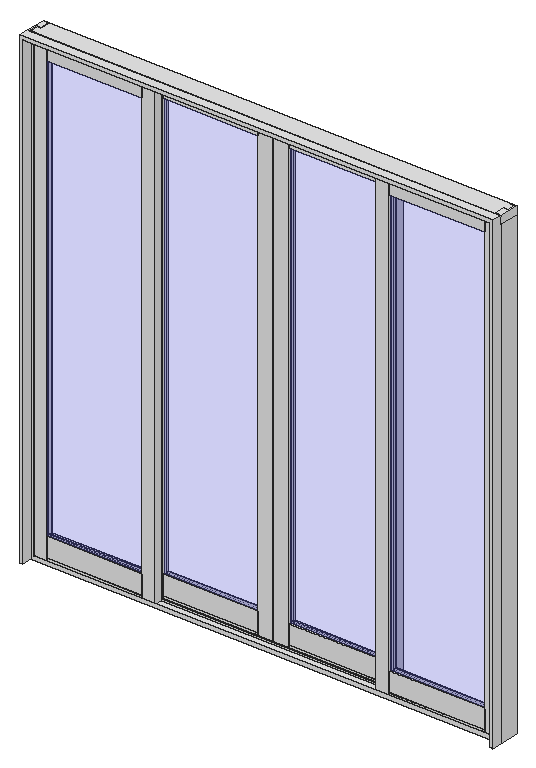
Revit family "Door-Sliding-All_Weather-Series_8100-Bi-Parting", category Doors, host Wall, Revit 2026
Family settings
  Host = Wall
  Classification Number = 23.30.10.00
  Always vertical = Yes
  Cut with Voids When Loaded = No
  Shared = No
  Room Calculation Point = No
Parameters (values of type "4 Panel Sliding Door - OXXO")
  Wall Thickness [instance] = 0' - 6"
  URL = "https://www.allweatheraa.com/"
  Type Comments = "Multi-Panel Sliding Door"  # constant formula
  Specification = ""
  Requested Width = 8' - 0"
  Requested Height = 8' - 0"
  Product Page URL = "https://www.allweatheraa.com/doors/series-8100-sliding-doors/"
  Product Name = "Series 8100"  # constant formula
  Product Documentation Link = "https://www.allweatheraa.com/download/4291/"
  Panel Offset = 0' - 2 31/32"  # constant formula
  Min Width = (4 * Min Panel Width) + 0' 0 3/4"  # 6' - 10 3/4"
  Min Panel Width = 1' - 8 1/2"  # constant formula
  Max Width = (4 * Max Panel Width) + 0' 0 3/4"  # 24' - 0 3/4"
  Max Panel Width = 6' - 0"  # constant formula
  Max Panel Height = 12' - 0"  # constant formula
  Jamb Extensions = yes
  Jamb Ext Finish = Metal-Aluminum-All_Weather-Standard-White
  Jamb Depth [instance] = if(Jamb Calc > 0' 0 1/8", Jamb Calc, 0' 0 1/8")  # 0' - 2"
  Jamb Calc [instance] = if(Offset > 0' 0", Wall Thickness - Thickness + Offset, Wall Thickness - Thickness - Inset)  # 0' - 2"
  End Panel Offset = 0' - 3"  # constant formula
  Thickness = 0' - 4"  # constant formula
  Rough Width = Width + 0' 1"  # 8' - 1"
  Rough Height = Height + 0' 0 1/2"  # 8' - 0 1/2"
  Panel Width = ((Opening Width + (0' 3 1/16" * (Number of Panels - 1))) / Number of Panels) - 0' 0 21/32"  # 2' - 1 9/64"
  Panel Thickness = 0' - 2"  # constant formula
  Panel Spacing = 0' - 2"  # constant formula
  Panel Height = Height - 0' 0 15/16" - 0' 0 5/16"  # 7' - 10 3/4"
  Operation = "Sliding"
  Opening Width = Width - 0' 2"  # 7' - 10"
  Offset = 0' - 0"
  Number of Panels = 4  # constant formula
  Model = "OXXO"  # constant formula
  Manufacturer = "All Weather Architectural Aluminum"  # constant formula
  Interior Trim Finish = Metal-Aluminum-All_Weather-Standard-White
  Interior Trim = no
  Inset = 0' - 0"
  Glazing = Glass-All_Weather-OA-Insulated_Glass
  Function = Exterior
  Frame Projection Ext. = 0' - 1"
  Frame Projection Int. = 0' - 1"
  Frame Width = 0' - 3"
  Height = if(Requested Height > Max Panel Height + 0' 1 1/4", Max Panel Height + 0' 1 1/4", Requested Height)  # 8' - 0"
  Wall Closure = By host
  Width = if(Requested Width > Max Width, Max Width, if(Requested Width < Min Width, Min Width, Requested Width))  # 8' - 0"
  Finish = Metal-Aluminum-All_Weather-Standard-White
  Exterior Trim Finish = Metal-Aluminum-All_Weather-Standard-White
  Exterior Trim = no
  Description = "Thermally Broken Stacking Door"  # constant formula
  Center Panel Location = (Panel Width / 2) - 0' 1 5/16"  # 0' - 11 33/128"
  Assembly Code = "B2030110"
  Analytic Construction = "<None>"
Reference planes (in)
  plane 1 "Center (Front/Back)": y = 0
  plane 2 "Center (Left/Right)": x = 0
  plane 3 "Left": x = -48
  plane 4 "Right": x = 48
  plane 5 "Top": z = 96
  plane 6 "Exterior": y = 3
  plane 7 "Interior": y = -3
  plane 8 "Nail Fin": y = 3
  plane 9 "Inset": y = 3
  plane 10 "Front": y = 3
  plane 11 "Back": y = -1
  plane 12 "Bottom of Sill": z = 0
  plane 13 "Jamb Ext": y = -2.43141
Forms (in)
  Extrusion 1, solid, material "Metal-Aluminum-All_Weather-Standard-White" <- "Exterior Trim Finish", visible <- "Exterior Trim"
    sketch origin (-90, 3, 0) x (-1, 0, 0) y (0, 0, 1)
      loop
        line (-42, 95.63672) -> (-42, 0) -> (-39, 0) -> (-39, 98.63672) -> (-141, 98.63672) -> (-141, 0) -> (-138, 0) -> (-138, 95.63672) -> (-42, 95.63672)
    from 0 to 1
  Extrusion 2, solid, material "Metal-Aluminum-All_Weather-Standard-White" <- "Interior Trim Finish", visible <- "Interior Trim"
    sketch origin (-90, -3, 0) x (1, 0, 0) y (0, 0, 1)
      loop
        line (42, 0) -> (42, 95.63672) -> (138, 95.63672) -> (138, 0) -> (141, 0) -> (141, 98.63672) -> (39, 98.63672) -> (39, 0) -> (42, 0)
    from 0 to 1
  Sweep 3, solid, material "Metal-Aluminum-All_Weather-Standard-White" <- "Finish", detail levels fine
    path origin (0, -1, 0) x (-1, 0, 0) y (0, 0, 1)
      loop
        line (-48, 0) -> (-48, 96)
    profile origin (48, -1, 48) x (1, 0, 0) y (0, 1, 0)
      loop
        line (-1.11719, 2.17875) -> (-1.11719, 0) -> (0, 0) -> (0, 4) -> (-1.11719, 4) -> (-1.11719, 3.84098) -> (-0.37157, 3.84098) -> (-0.37157, 2.17875) -> (-1.11719, 2.17875)
  Sweep 4, solid, material "Metal-Aluminum-All_Weather-Standard-White" <- "Finish", detail levels fine
    path origin (0, -1, 0) x (-1, 0, 0) y (0, 0, 1)
      loop
        line (48, 0) -> (48, 96)
    profile origin (-48, -1, 48) x (1, 0, 0) y (0, 1, 0)
      loop
        line (1.11719, 1.90015) -> (1.11719, 4) -> (0, 4) -> (0, 0) -> (1.11719, 0) -> (1.11719, 0.23792) -> (0.375, 0.23792) -> (0.375, 1.90015) -> (1.11719, 1.90015)
  Extrusion 5, solid, material "Metal-Aluminum-All_Weather-Standard-White" <- "Jamb Ext Finish", visible <- "Jamb Extensions"
    sketch origin (0, 0, 0) x (1, 0, 0) y (0, 0, 1)
      loop
        line (-48, 0) -> (-47.375, 0) -> (-47.375, 95.375) -> (47.375, 95.375) -> (47.375, 0) -> (48, 0) -> (48, 96) -> (-48, 96) -> (-48, 0)
    from 1 to 3
  Sweep 6, solid, material "Metal-Aluminum-All_Weather-Standard-White" <- "Finish", detail levels fine
    path origin (0, 3, 0) x (-1, 0, 0) y (0, 0, 1)
      loop
        line (-48, 96) -> (48, 96)
    profile origin (0, 3, 96) x (0, 0, 1) y (0, 1, 0)
      loop
        line (0, 0) -> (-1.55859, 0) -> (-1.55859, -4) -> (0, -4) -> (0, 0)
  Sweep 7, solid, material "Metal-Aluminum-All_Weather-Standard-White" <- "Finish", detail levels fine
    path origin (0, 3, 0) x (-1, 0, 0) y (0, 0, 1)
      loop
        line (-48, 0) -> (48, 0)
    profile origin (0, 3, 0) x (0, 0, 1) y (0, 1, 0)
      loop
        line (0, 0) -> (0, -4) -> (0.75, -4) -> (0.75, 0) -> (0, 0)
  Sweep 8, void
    path origin (0, 3, 0) x (-1, 0, 0) y (0, 0, 1)
      loop
        line (-48, 96) -> (-48, 0) -> (48, 0) -> (48, 96) -> (-48, 96)
    profile origin (0, 3, 96) x (0, 0, 1) y (0, 1, 0)
      loop
        line (-0.37157, -0.16896) -> (-1.55859, -0.16896) -> (-1.55859, -1.82125) -> (-0.37157, -1.82125) -> (-0.37157, -0.16896)
  Sweep 9, void
    path origin (0, 3, 0) x (-1, 0, 0) y (0, 0, 1)
      loop
        line (-48, 96) -> (-48, 0) -> (48, 0) -> (48, 96) -> (-48, 96)
    profile origin (0, 3, 96) x (0, 0, 1) y (0, 1, 0)
      loop
        line (-0.37157, -2.14924) -> (-1.55859, -2.14924) -> (-1.55859, -3.80153) -> (-0.37157, -3.80153) -> (-0.37157, -2.14924)
  Extrusion 10, solid, material "Metal-Aluminum-All_Weather-Standard-White" <- "Finish", detail levels coarse+medium
    sketch origin (0, 3, 0) x (-1, 0, 0) y (0, 0, 1)
      loop
        line (-48, 96) -> (-48, 0) -> (48, 0) -> (48, 96) -> (-48, 96)
      loop
        line (46.88281, 0.75) -> (46.88281, 94.44141) -> (-46.88281, 94.44141) -> (-46.88281, 0.75) -> (46.88281, 0.75)
    from 0 to -4
Cuts and joins
  Sweep 8, Sweep 9 cuts Sweep 3
  Sweep 8, Sweep 9 cuts Sweep 4
  Sweep 8, Sweep 9 cuts Sweep 7
  joined: Sweep 3, Sweep 4, Sweep 7
  Sweep 8, Sweep 9 cuts Sweep 6
  Sweep 8 cuts Extrusion 5
Lines and regions (in)
  Opening 1
    outline origin (-90, -3, 0) x (1, 0, 0) y (0, 0, 1)
      loop
        line (42, 0) -> (138, 0) -> (138, 96) -> (42, 96) -> (42, 0)
  Masking region 1, visible <- "Jamb Extensions"
    outline origin (0, 0, 0) x (0, 1, 0) y (0, 0, 1)
      loop
        line (-1, 96) -> (-3, 96) -> (-3, 95.375) -> (-1, 95.375) -> (-1, 96)
  Masking region 2, visible <- "Jamb Extensions"
    outline origin (0, 0, 0) x (1, 0, 0) y (0, 1, 0)
      loop
        line (48, -3) -> (48, -1) -> (47.375, -1) -> (47.375, -3) -> (48, -3)
      loop
        line (-48, -3) -> (-47.375, -3) -> (-47.375, -1) -> (-48, -1) -> (-48, -3)
Text (in)
  text "Exterior" at (-74.96733, 27.31104, 0), in view "Ref. Level"
  text "Interior" at (-74.96733, -25.14366, 0), in view "Ref. Level"
  text "Exterior" at (0, 40.15149, 123.01588), in view "Right"
  text "Interior" at (0, -64.39139, 123.01588), in view "Right"
  text "Interior" at (0, -31.01599, 123.00693), in view "Left"
  text "Exterior" at (0, 54.57065, 123.00693), in view "Left"
Dimensions and locks (in)
  equal spacing: plane 3 "Left", plane 2 "Center (Left/Right)", plane 4 "Right"
  "Height": level to plane 5 "Top"
  "Width": plane 3 "Left" to plane 4 "Right"
  "Frame Width": Extrusion 2 sketch curve to plane 3 "Left"
  "Frame Width": Extrusion 2 sketch curve to plane 4 "Right"
  "Frame Width": Extrusion 1 sketch curve to Extrusion 1 sketch curve  (x3)
  host wall to plane 5 "Top" = 8' - 0"
  "Frame Projection Int.": Extrusion 2 to host wall
  "Frame Projection Ext.": Extrusion 1 to host wall
  "Offset": plane 8 "Nail Fin" to plane 9 "Inset"
  "Inset": plane 6 "Exterior" to plane 9 "Inset"
  locked: plane 10 "Front" to plane 8 "Nail Fin" at 0
  "Thickness": plane 10 "Front" to plane 11 "Back"
  plane 12 "Bottom of Sill" to level = 0' - 0"
  locked: Extrusion 1 sketch curve to plane 5 "Top" at 0.36328
  locked: Extrusion 2 sketch curve to plane 5 "Top" at 0.36328
  "Frame Width": Extrusion 2 sketch curve to Extrusion 2 sketch curve
  plane 5 "Top" to level = 8' - 0"
  locked: nested 1 to plane 5 "Top"
  locked: nested 3 to plane 10 "Front"
  locked: plane 10 "Front" to nested 2
  Sweep 3 sketch curve to Sweep 3 sketch curve to Sweep 3 sketch curve to Sweep 3 sketch curve = 0' - 0" locked, 0' - 0.74562" locked, 0' - 0.37157" locked
  "Thickness": Sweep 3 sketch curve to Sweep 3 sketch curve
  locked: Extrusion 5 sketch curve to Extrusion 2 at 0.625  (x2)
  locked: plane 5 "Top" to Extrusion 5 sketch curve at 0.625
  "Jamb Depth": Extrusion 5 to Extrusion 5
  "Wall Thickness": host wall to host wall
  nested 4 to nested 4 = 0' - 0"
  nested 4 to nested 1 = 7' - 11.67535"
  nested 8 to nested 7 to plane 11 "Back" = 0' - 2.01806" locked, 0' - 1" locked
  plane 3 "Left" to plane 4 "Right" = 8' - 0"
  locked: plane 3 "Left" to nested 4 at 0.375
  Sweep 4 sketch curve to Sweep 4 sketch curve to Sweep 4 sketch curve to Sweep 4 sketch curve to profile plane = 0' - 0" locked, 0' - 0 95/128" locked, 0' - 0 3/8" locked, 0' - 0" locked
  Sweep 4 sketch curve to Sweep 4 sketch curve to Sweep 4 sketch curve = 0' - 1.66223" locked, 0' - 0.23792" locked
  "Thickness": Sweep 4 sketch curve to Sweep 4 sketch curve
  locked: profile plane to Sweep 4 sketch curve
  nested 3 to Sweep 3 sketch curve to Sweep 3 sketch curve = 0' - 0.15902" locked, 0' - 1.66223" locked
  locked: profile plane to Sweep 3 sketch curve
  "Thickness": Sweep 6 sketch curve to Sweep 6 sketch curve
  "Thickness": Sweep 7 sketch curve to Sweep 7 sketch curve
  profile plane to Sweep 7 sketch curve = 0' - 0"
  locked: nested 1 to profile plane at 1.55859
  locked: profile plane to nested 1
  locked: profile plane to nested 6 at 0.75
  Sweep 8 sketch curve to Sweep 8 sketch curve to profile plane = 0' - 1.18702" locked, 0' - 0.37157" locked
  profile plane to Sweep 8 sketch curve to Sweep 8 sketch curve = 0' - 0.16896" locked, 0' - 1.65229" locked
  Sweep 9 sketch curve to Sweep 9 sketch curve to profile plane = 0' - 1.18702" locked, 0' - 0.37157" locked
  profile plane to Sweep 9 sketch curve to Sweep 9 sketch curve = 0' - 2.14924" locked, 0' - 1.65229" locked
  Extrusion 10 sketch curve to level to Extrusion 10 sketch curve = 0' - 0" locked, 0' - 0 3/4" locked
  Extrusion 10 sketch curve to plane 4 "Right" to Extrusion 10 sketch curve = 0' - 1 15/128" locked, 0' - 0" locked
  plane 3 "Left" to Extrusion 10 sketch curve to Extrusion 10 sketch curve = 0' - 0" locked, 0' - 1 15/128" locked
  Extrusion 10 sketch curve to Extrusion 10 sketch curve to plane 5 "Top" = 0' - 1 143/256" locked, 0' - 0" locked
  "Thickness": plane 10 "Front" to Extrusion 10
  "Jamb Depth": Masking region 1 sketch curve to plane 7 "Interior"
  locked: plane 5 "Top" to Masking region 1 sketch curve at 0.625
  locked: plane 3 "Left" to Masking region 2 sketch curve at 0.625
  locked: Masking region 2 sketch curve to plane 4 "Right" at 0.625
  locked: nested 7 to plane 4 "Right" at 1.96141
  locked: plane 2 "Center (Left/Right)" to nested 8 at 1.58984
  "Jamb Depth": plane 7 "Interior" to Masking region 2 sketch curve  (x2)
  locked: plane 3 "Left" to nested 4 at 1.96484
  locked: nested 5 to plane 2 "Center (Left/Right)" at 1.58984
  nested 5 to nested 4 to plane 11 "Back" = 0' - 2.01806" locked, 0' - 1" locked
  aligned and locked: plane 3 "Left" to Opening 1 sketch curve
  aligned and locked: plane 5 "Top" to Opening 1 sketch curve  (x2)
  aligned and locked: Opening 1 sketch curve to plane 4 "Right"
  aligned and locked: Opening 1 sketch curve to level
  aligned and locked: plane 3 "Left" to Extrusion 1 sketch curve
  aligned and locked: Extrusion 1 sketch curve to plane 3 "Left"
  aligned and locked: level to Extrusion 1 sketch curve
  aligned and locked: plane 4 "Right" to Extrusion 1 sketch curve
  aligned and locked: Extrusion 1 to host wall
  aligned and locked: plane 3 "Left" to Extrusion 2 sketch curve
  aligned and locked: plane 4 "Right" to Extrusion 2 sketch curve  (x2)
  aligned and locked: level to Extrusion 2 sketch curve
  aligned and locked: Extrusion 2 sketch curve to level
  aligned and locked: Extrusion 2 to host wall
  aligned and locked: plane 6 "Exterior" to host wall
  aligned and locked: host wall to plane 7 "Interior"
  aligned and locked: plane 4 "Right" to Sweep 3 sketch curve
  aligned and locked: plane 3 "Left" to Sweep 4 sketch curve
  aligned and locked: nested 1 to plane 10 "Front"
  aligned and locked: plane 7 "Interior" to Extrusion 5
  aligned and locked: nested 3 to plane 4 "Right"
  aligned and locked: nested 2 to plane 3 "Left"
  aligned and locked: nested 6 to plane 11 "Back"
  aligned and locked: Sweep 7 to plane 12 "Bottom of Sill"
  aligned and locked: Sweep 6 to plane 5 "Top"
  aligned and locked: plane 4 "Right" to Sweep 6 sketch curve
  aligned and locked: plane 3 "Left" to Sweep 6 sketch curve
  aligned and locked: plane 3 "Left" to Sweep 7 sketch curve
  aligned and locked: plane 4 "Right" to Sweep 7 sketch curve
  aligned and locked: Sweep 7 sketch curve to level
  aligned and locked: nested 5 to plane 2 "Center (Left/Right)"
  aligned and locked: plane 5 "Top" to Sweep 8 sketch curve
  aligned and locked: plane 4 "Right" to Sweep 8 sketch curve
  aligned and locked: Sweep 8 sketch curve to Sweep 7
  aligned and locked: plane 10 "Front" to Extrusion 10
  aligned and locked: cut or joined group of Sweep 6, Sweep 8, Sweep 9 to Masking region 1 sketch curve
  aligned and locked: cut or joined group of Sweep 3, Sweep 4, Sweep 7, Sweep 8, Sweep 9 to Masking region 2 sketch curve  (x2)
  aligned and locked: Sweep 8 sketch curve to plane 3 "Left"
Automatic sketch dimensions
  Extrusion 1 sketch curve to level = 0' - 0"
  Extrusion 2 sketch curve to level = 0' - 0"
  plane 3 "Left" to Extrusion 5 sketch curve = 0' - 0"
  plane 4 "Right" to Extrusion 5 sketch curve = 0' - 0"
  Extrusion 5 sketch curve to plane 5 "Top" = 0' - 0"
  Extrusion 5 sketch curve to level = 0' - 0"  (x2)
  Sweep 3 sketch curve to level = 0' - 0"
  Sweep 3 sketch curve to plane 5 "Top" = 0' - 0"
  Sweep 4 sketch curve to level = 0' - 0"
  Sweep 4 sketch curve to plane 5 "Top" = 0' - 0"
  Sweep 6 sketch curve to plane 5 "Top" = 0' - 0"
  Sweep 9 sketch curve to level = 0' - 0"
  plane 4 "Right" to Sweep 9 sketch curve = 0' - 0"
  plane 3 "Left" to Sweep 9 sketch curve = 0' - 0"
  Sweep 9 sketch curve to plane 5 "Top" = 0' - 0"
  Sweep 3 sketch curve to profile plane = 0' - 0"
  Sweep 6 sketch curve to plane 10 "Front" = 0' - 0"
  profile plane to Sweep 6 sketch curve = 0' - 0"
  Sweep 6 sketch curve to Sweep 6 sketch curve = 0' - 1 143/256"
  profile plane to Sweep 7 sketch curve = 0' - 0"
  Sweep 7 sketch curve to plane 10 "Front" = 0' - 0"
  Sweep 7 sketch curve to profile plane = 0' - 0 3/4"
  Masking region 1 sketch curve to host wall = 0' - 0"
  host wall to Masking region 2 sketch curve = 0' - 0"  (x2)
Nested families (in)
  nested 1: "Detail-All_Weather-Series_8100_Jamb" at (0, 1.58203, 96.94141) x (0, -1, 0) z (-1, 0, 0), type "Header"
    with Thickness 0' - 4", 4 Track no, 3 Track no
  nested 2: "Detail-All_Weather-Series_8100_Jamb" at (-49.38281, 1.58203, 0) x (0, -1, 0) z (0, 0, -1), type "Jamb"
    with Thickness 0' - 4", 4 Track no, 3 Track no
  nested 3: "Detail-All_Weather-Series_8100_Jamb" at (49.38281, 1.58203, 0) x (0, -1, 0) z (0, 0, -1), type "Jamb"
    with Thickness 0' - 4", 4 Track no, 3 Track no
  nested 4: "Nested-Panel-All_Weather-Series_8100" at (-35.05469, -0.11336, 0), type "Pull Left 2"
    with Width 2' - 1 9/64", Thickness 0' - 2", Pull Right no, Pull Offset Left 0' - 3 23/128", Pull Left yes, Center Panel Right yes, Center Panel Left no, Pull Offset Right 0' - 2 79/128", Height 8' - 0", Arrow Right no, Arrow Left no
  nested 5: "Nested-Panel-All_Weather-Series_8100" at (-12.57031, 1.9047, 0), type "Pull Right 2"
    with Width 2' - 1 9/64", Thickness 0' - 2", Height 8' - 0", Arrow Left no
  nested 6: "Detail-All_Weather-Series_8100_Footer" at (0, 0.41797, -1.75) x (0, 1, 0) z (1, 0, 0), type "Footer"
  nested 7: "Nested-Panel-All_Weather-Series_8100" at (35.05812, 0.11336, 0), type "Pull Right"
    with Width 2' - 1 9/64", Height 8' - 0", Arrow Right no, Arrow Left no
  nested 8: "Nested-Panel-All_Weather-Series_8100" at (12.57031, 2.13141, 0), type "Pull Left"
    with Width 2' - 1 9/64", Height 8' - 0", Arrow Right no
Definition of nested family "Nested-Panel-All_Weather-Series_8100"
  Parameters (values of type "Pull Right")
    Width = 2' - 7 9/64"
    URL = "http://www.weathershield.com"
    Type Comments = "Panel with Inside Jamb"
    Thickness = 0' - 4"
    Specification = ""
    Sill Offset = 0' - 1 3/4"
    Pull Right = yes
    Pull Offset Left = if(Pull Left, 0' 3 23/128", 0' 2 79/128")  # 0' - 2 79/128"
    Pull Left = no
    Product Page URL = "https://www.allweatheraa.com/doors/series-8100-sliding-doors/"
    Product Documentation Link = "https://www.allweatheraa.com/download/4291/"
    Center Panel Right = no
    Center Panel Left = yes
    Model = "Multislide"  # constant formula
    Manufacturer = "All Weather Architectural Aluminum"  # constant formula
    Pull Offset Right = if(Pull Right, 0' 3 23/128", 0' 2 79/128")  # 0' - 3 23/128"
    Height = 7' - 0"
    Glass = none
    Finish = none
    Description = "Multislide Door Panel"  # constant formula
    Default Elevation = 4' - 0"
    Arrow Right = yes
    Arrow Left = yes
  Types (2): name | Thickness | Pull Right | Pull Offset Left | Pull Left | Center Panel Right | Center Panel Left | Pull Offset Right
    Pull Right | 0' - 4" | yes | 0' - 2 79/128" | no | no | yes | 0' - 3 23/128"
    Pull Left | 0' - 2" | no | 0' - 3 23/128" | yes | yes | no | 0' - 2 79/128"
  Reference planes (in)
    plane 1 "Center (Front/Back)": y = -1.13672
    plane 2 "Bottom": z = 0
    plane 3 "Center (Left/Right)": x = 0
    plane 4 "Front": y = 0.86328
    plane 5 "Back": y = -3.13672
    plane 6 "Left": x = -15.57031
    plane 7 "Right": x = 15.57031
    plane 8 "Top": z = 84
    plane 9 "Glass Front": y = 0.61336
    plane 10 "Glass Back": y = -0.38664
    plane 11 "Glass Top": z = 80.54381
    plane 12 "Glass Bottom": z = 4.79539
    plane 13 "Glass Left": x = -13.61412
    plane 14 "Glass Right": x = 13.06143
    plane 15 "Center (Elevation)": z = 42.6696
    plane 16 "DLO Bottom": z = 5.45639
    plane 17 "DLO Top": z = 79.88281
    plane 18 "DLO Left": x = -12.95312
    plane 19 "DLO Right": x = 12.39063
    plane 20: y = 0.11336
    plane 21: x = 13.98047
    plane 22: x = -14.26172
    plane 23: z = 0.32465
    plane 24: z = 83.0625
  Forms (in)
    Extrusion 1, solid, material <- "Glass"
      sketch origin (0, 0, 0) x (1, 0, 0) y (0, 1, 0)
        loop
          line (-13.61412, -0.38664) -> (13.06143, -0.38664) -> (13.06143, 0.61336) -> (-13.61412, 0.61336) -> (-13.61412, -0.38664)
      from 4.79539 to 80.54381
    Sweep 2, solid, material <- "Finish", detail levels medium+fine
      path origin (0, 0.61336, -0.65988) x (-1, 0, 0) y (0, 0, 1)
        loop
          line (-12.39063, 0.32465) -> (12.95312, 0.32465)
      profile origin (-0.28125, 0.61336, -0.33524) x (0, 0, 1) y (0, 1, 0)
        loop
          line (0.65988, 0.2514) -> (0.65988, -1.24862) -> (1.47003, -1.24862) -> (1.47003, -1.20462) -> (5.40973, -1.20462) -> (5.40973, -1) -> (4.74873, -1) -> (4.74873, 0) -> (5.40973, 0) -> (5.40973, 0.2074) -> (1.47003, 0.2074) -> (1.47003, 0.2514) -> (0.65988, 0.2514)
    Sweep 3, solid, material <- "Finish", visible <- "Pull Left", detail levels medium+fine
      path origin (0, 0.86328, 0) x (-1, 0, 0) y (0, 0, 1)
        loop
          line (15.57031, 0.32465) -> (15.57031, 83.0625)
      profile origin (-15.57031, 0.86328, 41.69357) x (1, 0, 0) y (0, 1, 0)
        loop
          line (0, 0) -> (0, -1.5) -> (3.17969, -1.5) -> (3.17969, -1.31202) -> (2.51869, -1.31202) -> (2.51869, -0.188) -> (3.17969, -0.188) -> (3.17969, 0) -> (0, 0)
    Sweep 4, solid, material <- "Finish", visible <- "Center Panel Right", detail levels medium+fine
      path origin (0, 0.86328, 0) x (1, 0, 0) y (0, 0, 1)
        loop
          line (15.57031, 0.32465) -> (15.57031, 83.0625)
      profile origin (15.57031, 0.86328, 41.69357) x (1, 0, 0) y (0, 1, 0)
        loop
          line (0, 0.00351) -> (-1.69231, 0.00351) -> (-1.69231, 0.30472) -> (-2.45445, 0.30472) -> (-2.45445, 0.2427) -> (-1.83561, 0.1854) -> (-1.83561, 0.00137) -> (-2.61719, 0.00137) -> (-2.61719, -0.25185) -> (-1.94638, -0.25185) -> (-1.94638, -1.25003) -> (-2.61719, -1.25003) -> (-2.61719, -1.5001) -> (0, -1.5001) -> (0, 0.00351)
    Sweep 5, solid, material <- "Finish", detail levels medium+fine
      path origin (0, 0.61336, 0) x (-1, 0, 0) y (0, 0, 1)
        loop
          line (12.95312, 84) -> (-12.39063, 84)
      profile origin (-0.28125, 0.61336, 84) x (0, 0, -1) y (0, 1, 0)
        loop
          line (0.9375, -1.24862) -> (4.41713, -1.24862) -> (4.41713, -1) -> (3.75613, -1) -> (3.75613, 0.0013) -> (4.41713, 0.0013) -> (4.41713, 0.2514) -> (0.9375, 0.2514) -> (0.9375, -1.24862)
    Extrusion 6, solid, material <- "Finish", visible <- "Center Panel Left", detail levels medium+fine
      sketch origin (0, 0, 0) x (1, 0, 0) y (0, 1, 0)
        loop
          line (-15.57031, 0.86328) -> (-15.57031, -1.02734) -> (-14.90829, -1.02734) -> (-14.81048, -1.00113) -> (-14.81048, -0.96526) -> (-15.44529, -0.96526) -> (-15.44529, -0.63506) -> (-12.95312, -0.63506) -> (-12.95312, -0.38664) -> (-13.62352, -0.38664) -> (-13.62352, 0.61336) -> (-12.95312, 0.61336) -> (-12.95312, 0.86328) -> (-15.57031, 0.86328)
      from 0.32465 to 83.0625
    Extrusion 7, solid, material <- "Finish", detail levels coarse
      sketch origin (0, 0.61336, 0) x (-1, 0, 0) y (0, 0, 1)
        loop
          line (15.57031, 83.0625) -> (-15.57031, 83.0625) -> (-15.57031, 0.32465) -> (15.57031, 0.32465) -> (15.57031, 83.0625)
        loop
          line (-12.39063, 5.07449) -> (12.95312, 5.07449) -> (12.95312, 79.88281) -> (-12.39063, 79.88281) -> (-12.39063, 5.07449)
      from -1.2501 to 0.24993
    Sweep 8, solid, material <- "Finish", visible <- "Pull Right", detail levels medium+fine
      path origin (0, 0.86328, 0) x (1, 0, 0) y (0, 0, 1)
        loop
          line (15.57031, 0.32465) -> (15.57031, 83.0625)
      profile origin (15.57031, 0.86328, 41.69357) x (1, 0, 0) y (0, 1, 0)
        loop
          line (0, 0) -> (-3.18036, 0) -> (-3.18036, -0.188) -> (-2.56317, -0.188) -> (-2.56317, -1.31202) -> (-3.18036, -1.31202) -> (-3.18036, -1.5) -> (0, -1.5) -> (0, 0)
  Lines and regions (in)
    Masking region 1, detail levels coarse
      outline origin (0, 0, 0) x (1, 0, 0) y (0, 1, 0)
        loop
          line (-12.95312, 0.61336) -> (-12.95312, -0.38664) -> (12.39062, -0.38664) -> (12.39062, 0.61336) -> (-12.95312, 0.61336)
    Masking region 2, detail levels medium+fine
      outline origin (0, 0, 0) x (1, 0, 0) y (0, 1, 0)
        loop
          line (-13.61412, 0.61336) -> (-13.61412, 0.43452) -> (13.06143, 0.43452) -> (13.06143, 0.61336) -> (-13.61412, 0.61336)
        loop
          line (-13.61412, -0.2078) -> (-13.61412, -0.38664) -> (13.06143, -0.38664) -> (13.06143, -0.2078) -> (-13.61412, -0.2078)
    Masking region 3, detail levels coarse
      outline origin (0, 0, 0) x (0, 1, 0) y (0, 0, 1)
        loop
          line (0.61336, 5.45639) -> (0.61336, 80.09881) -> (-0.38664, 80.09881) -> (-0.38664, 5.45639) -> (0.61336, 5.45639)
    Masking region 4, detail levels medium+fine
      outline origin (0, 0, 0) x (0, 1, 0) y (0, 0, 1)
        loop
          line (0.61336, 4.79539) -> (0.61336, 80.54381) -> (0.43582, 80.54381) -> (0.43582, 4.79539) -> (0.61336, 4.79539)
        loop
          line (-0.2065, 4.79539) -> (-0.2065, 80.54381) -> (-0.38664, 80.54381) -> (-0.38664, 4.79539) -> (-0.2065, 4.79539)
    symbolic lines, visible <- "Arrow Left"
      curve 1: line (-11.20312, 0.61336, 39.6696) -> (-11.20312, 0.61336, 45.6696)
      curve 2: line (-11.20312, 0.61336, 39.6696) -> (-8.20312, 0.61336, 42.6696)
      curve 3: line (-8.20312, 0.61336, 42.6696) -> (-11.20312, 0.61336, 45.6696)
    symbolic lines, visible <- "Arrow Right"
      curve 4: line (11.20312, 0.61336, 39.6696) -> (11.20312, 0.61336, 45.6696)
      curve 5: line (11.20312, 0.61336, 39.6696) -> (8.20312, 0.61336, 42.6696)
      curve 6: line (8.20312, 0.61336, 42.6696) -> (11.20312, 0.61336, 45.6696)
  Dimensions and locks (in)
    equal spacing: plane 6 "Left", plane 3 "Center (Left/Right)", plane 7 "Right"
    "Width": plane 6 "Left" to plane 7 "Right"
    equal spacing: plane 4 "Front", plane 1 "Center (Front/Back)", plane 5 "Back"
    "Thickness": plane 4 "Front" to plane 5 "Back"
    plane 4 "Front" to plane 9 "Glass Front" to plane 10 "Glass Back" = 0' - 0.24993", 0' - 1" locked
    locked: plane 8 "Top" to plane 11 "Glass Top" at 3.45619
    locked: plane 12 "Glass Bottom" to level at 4.79539
    locked: plane 13 "Glass Left" to Masking region 1 sketch curve at 0.661
    locked: Masking region 1 sketch curve to plane 14 "Glass Right" at 0.67081
    locked: plane 10 "Glass Back" to Masking region 2 sketch curve at 0.17884
    locked: plane 9 "Glass Front" to Masking region 2 sketch curve at 0.17884
    locked: plane 11 "Glass Top" to Masking region 3 sketch curve at 0.445
    locked: Masking region 3 sketch curve to plane 12 "Glass Bottom" at 0.661
    equal spacing: plane 11 "Glass Top", plane 15 "Center (Elevation)", plane 12 "Glass Bottom"
    locked: plane 16 "DLO Bottom" to plane 12 "Glass Bottom" at 0.661
    locked: plane 11 "Glass Top" to plane 17 "DLO Top" at 0.661
    "Pull Offset Left": plane 6 "Left" to plane 18 "DLO Left"
    "Pull Offset Right": plane 19 "DLO Right" to plane 7 "Right"
    equal spacing: plane 10 "Glass Back", plane 20, plane 9 "Glass Front"
    equal spacing: plane 19 "DLO Right", plane 21, plane 7 "Right"
    equal spacing: plane 6 "Left", plane 22, plane 18 "DLO Left"
    nested 1 to nested 1 = 0' - 2 79/128"
    Sweep 2 sketch curve to Sweep 2 sketch curve to Sweep 2 sketch curve to Sweep 2 sketch curve to Sweep 2 sketch curve to Sweep 2 sketch curve to level = 0' - 0" locked, 0' - 0.661" locked, 0' - 3.2787" locked, 0' - 0" locked, 0' - 0.81014" locked, 0' - 0.32465"
    Sweep 2 sketch curve to Sweep 2 sketch curve to Sweep 2 sketch curve to profile plane to Sweep 2 sketch curve to Sweep 2 sketch curve to Sweep 2 sketch curve = 0' - 0.044" locked, 0' - 0.2074" locked, 0' - 0" locked, 0' - 1" locked, 0' - 0.20462" locked, 0' - 0.044" locked
    locked: plane 23 to level at 0.32465
    profile plane to nested 2 to Sweep 3 sketch curve to Sweep 3 sketch curve to Sweep 3 sketch curve = 0' - 0" locked, 0' - 2.51869" locked, 0' - 0.661" locked, 0' - 0" locked
    Sweep 3 sketch curve to Sweep 3 sketch curve to Sweep 3 sketch curve to Sweep 3 sketch curve to profile plane = 0' - 0.18798" locked, 0' - 1.12402" locked, 0' - 0.188" locked, 0' - 0" locked
    Sweep 4 sketch curve to Sweep 4 sketch curve to Sweep 4 sketch curve to Sweep 4 sketch curve to Sweep 4 sketch curve to profile plane to Sweep 4 sketch curve to Sweep 4 sketch curve to Sweep 4 sketch curve = 0' - 0.06202" locked, 0' - 0.05729" locked, 0' - 0.18189" locked, 0' - 0.00214" locked, 0' - 0.00137" locked, 0' - 0.25185" locked, 0' - 0.99817" locked, 0' - 0.25007" locked
    Sweep 4 sketch curve to Sweep 4 sketch curve to Sweep 4 sketch curve to Sweep 4 sketch curve to Sweep 4 sketch curve to Sweep 4 sketch curve to profile plane = 0' - 0" locked, 0' - 0.16274" locked, 0' - 0.50807" locked, 0' - 0.11078" locked, 0' - 0.1433" locked, 0' - 1.69231" locked
    curve 3 to curve 3 to plane 15 "Center (Elevation)" to curve 2 = 0' - 3" locked, 0' - 0" locked, 0' - 3" locked
    plane 6 "Left" to curve 1 to curve 3 = 0' - 4 47/128" locked, 0' - 3" locked
    locked: plane 8 "Top" to plane 24 at 0.9375
    profile plane to Sweep 3 to Sweep 5 sketch curve to Sweep 5 sketch curve to Sweep 5 sketch curve = 0' - 0 15/16" locked, 0' - 2.81863" locked, 0' - 0.661" locked, 0' - 0" locked
    Sweep 5 sketch curve to Sweep 5 sketch curve to profile plane to Sweep 5 sketch curve to Sweep 5 sketch curve = 0' - 0.2501" locked, 0' - 0.0013" locked, 0' - 1" locked, 0' - 0.24862" locked
    "Height": plane 8 "Top" to plane 2 "Bottom"
    locked: plane 13 "Glass Left" to plane 18 "DLO Left" at 0.661
    locked: plane 19 "DLO Right" to plane 14 "Glass Right" at 0.67081
    Extrusion 6 sketch curve to Extrusion 6 sketch curve to Extrusion 6 sketch curve to Extrusion 6 sketch curve to Extrusion 6 sketch curve to Extrusion 6 sketch curve to plane 4 "Front" = 0' - 0.06208" locked, 0' - 0.3302" locked, 0' - 0.24842" locked, 0' - 1" locked, 0' - 0.24993" locked, 0' - 0" locked
    Extrusion 6 sketch curve to plane 6 "Left" to Extrusion 6 sketch curve to Extrusion 6 sketch curve to Extrusion 6 sketch curve to Extrusion 6 sketch curve to Extrusion 6 sketch curve = 0' - 0" locked, 0' - 0.66202" locked, 0' - 0.09781" locked, 0' - 1.18696" locked, 0' - 0.67039" locked, 0' - 0" locked
    locked: Extrusion 7 to plane 10 "Glass Back" at 0.2501
    Extrusion 6 to plane 17 "DLO Top" = 0' - 3 23/128"
    locked: plane 9 "Glass Front" to Masking region 4 sketch curve at 0.17754
    locked: Masking region 4 sketch curve to plane 10 "Glass Back" at 0.18014
    nested 1 to nested 6 to plane 9 "Glass Front" = 0' - 0" locked, 0' - 1.2501" locked
    Sweep 8 sketch curve to Sweep 8 sketch curve to plane 19 "DLO Right" to Sweep 8 sketch curve = 0' - 0" locked, 0' - 0.00067" locked, 0' - 0.61652" locked
    Sweep 8 sketch curve to Sweep 8 sketch curve to Sweep 8 sketch curve to Sweep 8 sketch curve to profile plane = 0' - 0.18798" locked, 0' - 1.12402" locked, 0' - 0.188" locked, 0' - 0" locked
    curve 6 to curve 6 to plane 15 "Center (Elevation)" to curve 5 = 0' - 3" locked, 0' - 0" locked, 0' - 3" locked
    plane 7 "Right" to curve 4 to curve 6 = 0' - 4 47/128" locked, 0' - 3" locked
    aligned and locked: plane 2 "Bottom" to level
    aligned and locked: Extrusion 1 sketch curve to plane 14 "Glass Right"
    aligned and locked: plane 13 "Glass Left" to Extrusion 1 sketch curve
    aligned and locked: plane 9 "Glass Front" to Extrusion 1 sketch curve
    aligned and locked: Extrusion 1 sketch curve to plane 10 "Glass Back"
    aligned and locked: Extrusion 1 to plane 12 "Glass Bottom"
    aligned and locked: plane 11 "Glass Top" to Extrusion 1
    aligned and locked: Masking region 1 sketch curve to plane 9 "Glass Front"
    aligned and locked: plane 10 "Glass Back" to Masking region 1 sketch curve
    aligned and locked: Masking region 2 sketch curve to plane 9 "Glass Front"
    aligned and locked: plane 14 "Glass Right" to Masking region 2 sketch curve  (x2)
    aligned and locked: plane 10 "Glass Back" to Masking region 2 sketch curve
    aligned and locked: Masking region 2 sketch curve to plane 13 "Glass Left"  (x2)
    aligned and locked: Masking region 3 sketch curve to plane 9 "Glass Front"
    aligned and locked: plane 10 "Glass Back" to Masking region 3 sketch curve
    aligned and locked: Masking region 4 sketch curve to plane 11 "Glass Top"  (x2)
    aligned and locked: Masking region 4 sketch curve to plane 9 "Glass Front"
    aligned and locked: plane 12 "Glass Bottom" to Masking region 4 sketch curve  (x2)
    aligned and locked: plane 10 "Glass Back" to Masking region 4 sketch curve
    aligned and locked: plane 6 "Left" to nested 2
    aligned and locked: nested 1 to plane 7 "Right"
    aligned and locked: nested 2 to nested 1
    aligned and locked: plane 4 "Front" to nested 3
    aligned and locked: plane 6 "Left" to nested 3
    aligned and locked: Sweep 3 sketch curve to plane 6 "Left"
    aligned and locked: plane 23 to Sweep 3 sketch curve
    aligned and locked: Sweep 5 sketch curve to plane 8 "Top"
    aligned and locked: plane 18 "DLO Left" to Sweep 5 sketch curve
    aligned and locked: plane 19 "DLO Right" to Sweep 5 sketch curve
    aligned and locked: plane 24 to Sweep 3 sketch curve
    aligned and locked: plane 24 to Sweep 4 sketch curve
    aligned and locked: plane 23 to Sweep 4 sketch curve
    aligned and locked: nested 5 to plane 24
    aligned and locked: plane 24 to Extrusion 6
    aligned and locked: plane 18 "DLO Left" to Sweep 2 sketch curve
    aligned and locked: plane 19 "DLO Right" to Sweep 2 sketch curve
    aligned and locked: Extrusion 7 sketch curve to Sweep 2
    aligned and locked: plane 18 "DLO Left" to Extrusion 7 sketch curve
    aligned and locked: plane 7 "Right" to Extrusion 7 sketch curve
    aligned and locked: Extrusion 7 sketch curve to plane 6 "Left"
    aligned and locked: Extrusion 7 sketch curve to plane 24
    aligned and locked: plane 4 "Front" to Extrusion 7
    aligned and locked: nested 4 to level
    aligned and locked: Extrusion 6 to plane 23
    aligned and locked: Sweep 2 to plane 23
    aligned and locked: Extrusion 7 sketch curve to plane 17 "DLO Top"
    aligned and locked: nested 6 to plane 7 "Right"
  Automatic sketch dimensions
    Sweep 3 sketch curve to profile plane = 0' - 0"
    plane 7 "Right" to Sweep 4 sketch curve = 0' - 0"
    Sweep 4 sketch curve to profile plane = 0' - 0"
    Sweep 5 sketch curve to profile plane = 0' - 0 15/16"
    Sweep 2 sketch curve to level = 0' - 0.33524"
    Extrusion 6 sketch curve to plane 6 "Left" = 0' - 0.12502"
    Extrusion 6 sketch curve to Extrusion 6 sketch curve = 0' - 0.03586"
    plane 19 "DLO Right" to Extrusion 7 sketch curve = 0' - 0"
    Extrusion 7 sketch curve to plane 23 = 0' - 0"
    plane 7 "Right" to Sweep 8 sketch curve = 0' - 0"
    Sweep 8 sketch curve to plane 23 = 0' - 0"
    Sweep 8 sketch curve to plane 24 = 0' - 0"
    Sweep 8 sketch curve to profile plane = 0' - 0"
  Nested families (in)
    nested 1: "Detail-All_Weather-Series_8100_Post_Right" at (15.45313, -0.46877, 0) x (0, 1, 0) z (0, 0, 1), visible <- "Center Panel Right", type "Post Right"
    nested 2: "Detail-All_Weather-Series_8100_Door_Header" at (-14.89062, -0.55469, 0) x (0, -1, 0) z (0, 0, 1), visible <- "Pull Left", type "Header"
    nested 3: "Detail-All_Weather-Series_8100_Post_Left" at (-15.45312, 0.69531, 0) x (0, -1, 0) z (0, 0, 1), visible <- "Center Panel Left", type "Post Left"
    nested 4: "Detail-All_Weather-Series_8100_Door_Footer" at (0, 0.7827, 2.95639) x (0, 1, 0) z (1, 0, 0), type "Door Footer"
    nested 5: "Detail-All_Weather-Series_8100_Door_Header" at (0, 0.7827, 82.38281) x (0, 1, 0) z (1, 0, 0), type "Header"
    nested 6: "Detail-All_Weather-Series_8100_Door_Header" at (14.89063, 0.78123, 0) x (0, 1, 0) z (0, 0, 1), visible <- "Pull Right", type "Jamb"
  Definition of nested family "Detail-All_Weather-Series_8100_Post_Right"
    Parameters (values of type "Post Right")
      URL = "https://www.allweatheraa.com/"
      Type Comments = "3 in Ultraglide Rollers"  # constant formula
      Thickness = 0' - 1 57/64"  # constant formula
      Specification = ""
      Profile Offset = 0' - 1 9/256"  # constant formula
      Product Page URL = "https://www.allweatheraa.com/doors/series-8100-sliding-doors/"
      Product Name = "Series 8100"  # constant formula
      Product Documentation Link = "https://www.allweatheraa.com/download/4291/"
      Nail Fin Offset = 0' - 1 33/128"  # constant formula
      Model = "SlidingDoor"  # constant formula
      Manufacturer = "All Weather Architectural Aluminum"  # constant formula
      Height = 0' - 2 79/128"  # constant formula
      Glass Thickness = 0' - 1"  # constant formula
      Glass = no
      Description = "Door Post"  # constant formula
      Assembly Code = "B2020100"
    Reference planes (in)
      plane 1 "Center (Front/Back)": y = -0.11719
      plane 2: z = 0
      plane 3 "Glass Intersection": y = 1.82919
      plane 4 "Top": y = 2.5
      plane 5 "Front": x = -0.16797
      plane 6 "Back": x = 1.72266
      plane 7 "Glass Front": x = 0.0803
      plane 8 "Glass Back": x = 1.0803
    Lines and regions (in)
      Masking region 1, in view "Ref. Level", visible <- "Glass", detail levels medium+fine
        outline origin (0.32906, -0.10831, 0) x (1, 0, 0) y (0, 1, 0)
          loop
            line (-0.24876, 3.0985) -> (-0.24876, 1.9375) -> (-0.06992, 1.9375) -> (-0.06992, 3.0985) -> (-0.24876, 3.0985)
          loop
            line (0.75124, 3.0985) -> (0.5724, 3.0985) -> (0.5724, 1.9375) -> (0.75124, 1.9375) -> (0.75124, 3.0985)
      Masking region 2, in view "Ref. Level", detail levels fine
        outline origin (0.32906, -0.10831, 0) x (1, 0, 0) y (0, 1, 0)
          loop
            line (-0.06992, 1.95572) -> (0.57408, 1.95572) -> (0.57408, 2.1811) -> (0.54202, 2.1811) -> (0.54202, 1.9861) -> (-0.03786, 1.9861) -> (-0.03786, 2.1811) -> (-0.06992, 2.1811) -> (-0.06992, 1.95572)
      Masking region 3, in view "Ref. Level", detail levels medium+fine
        outline origin (0.32906, -0.10831, 0) x (1, 0, 0) y (0, 1, 0)
          loop
            line (-0.03786, 2.2971) -> (-0.03786, 1.9861) -> (0.54202, 1.9861) -> (0.54202, 2.2971) -> (-0.03786, 2.2971)
          loop
            line (0.52802, 2.2831) -> (-0.02386, 2.2831) -> (-0.02386, 2.0001) -> (0.52802, 2.0001) -> (0.52802, 2.2831)
      Masking region 4, in view "Ref. Level", detail levels medium+fine
        outline origin (0, 0, 0) x (1, 0, 0) y (0, 1, 0)
          loop
            line (-0.16805, 2.45876) -> (-0.16805, -0.04515)
            arc (-0.16805, -0.04515) -> (-0.14695, -0.09609) -> (-0.09601, -0.11719) r 0.07204
            line (-0.09601, -0.11719) -> (1.32288, -0.11719) -> (1.32288, 0.24062)
            arc (1.32288, 0.24062) -> (1.37257, 0.29031) -> (1.42227, 0.24062) r 0.04969
            line (1.42227, 0.24062) -> (1.42227, -0.03768) -> (1.50277, -0.03768) -> (1.50277, 0.35864)
            arc (1.50277, 0.35864) -> (1.49268, 0.3806) -> (1.47072, 0.3897) r 0.03106
            line (1.47072, 0.3897) -> (1.385, 0.3897)
            arc (1.385, 0.3897) -> (1.34107, 0.40789) -> (1.32288, 0.45182) r 0.06212
            line (1.32288, 0.45182) -> (1.32288, 0.74239) -> (1.21411, 0.73454) -> (1.27465, 0.62607) -> (1.06852, 0.62607) -> (1.12489, 0.72389) -> (1.01581, 0.72389)
            arc (1.01581, 0.72389) -> (0.99402, 0.71487) -> (0.985, 0.69308) r 0.03081
            line (0.985, 0.69308) -> (0.985, 0.62607) -> (0.76208, 0.62607) -> (0.76208, 0.70558) -> (0.68256, 0.70558) -> (0.68256, 0.62607) -> (-0.06858, 0.62607) -> (-0.06858, 1.36064) -> (0.13105, 1.36064) -> (0.13105, 1.21044) -> (0.17445, 1.13528) -> (0.25488, 1.13528) -> (0.18127, 1.26277) -> (0.25382, 1.33533) -> (0.32156, 1.33533) -> (0.38512, 1.25325) -> (0.33499, 1.13528) -> (0.38275, 1.13528)
            arc (0.38275, 1.13528) -> (0.40464, 1.34346) -> (0.19875, 1.38128) r 0.15405
            line (0.19875, 1.38128) -> (0.12893, 1.43509) -> (0.12893, 1.49715) -> (0.03109, 1.44455) -> (0.03109, 1.64754) -> (0.1352, 1.57502) -> (0.15552, 1.7013) -> (-0.01362, 1.69663) -> (-0.01362, 1.89889) -> (0.03038, 1.89889) -> (-0.0155, 1.96218) -> (-0.0155, 1.99608) -> (0.02807, 1.99608) -> (-0.0155, 2.05618) -> (-0.0155, 2.09008) -> (0.02807, 2.09008) -> (-0.0155, 2.15018) -> (-0.0155, 2.18408) -> (0.02807, 2.18408) -> (-0.0155, 2.24418) -> (-0.0155, 2.27808) -> (0.02807, 2.27808) -> (-0.0155, 2.33818) -> (-0.0155, 2.37208) -> (0.01838, 2.37208) -> (0.01838, 2.41889)
            arc (0.01838, 2.41889) -> (0.01252, 2.43304) -> (-0.00162, 2.43889) r 0.02
            line (-0.00162, 2.43889) -> (-0.11002, 2.43889)
            arc (-0.11002, 2.43889) -> (-0.12486, 2.44459) -> (-0.13207, 2.45876) r 0.02217
            arc (-0.13207, 2.45876) -> (-0.15006, 2.47675) -> (-0.16805, 2.45876) r 0.01799
          loop
            line (1.06202, 1.57433) -> (1.28047, 1.57433) -> (1.21399, 1.45672) -> (1.32244, 1.44889) -> (1.32244, 1.57936) -> (1.57436, 1.57936)
            arc (1.57436, 1.57936) -> (1.62528, 1.60045) -> (1.64637, 1.65137) r 0.07201
            line (1.64637, 1.65137) -> (1.64637, 2.27063) -> (1.62284, 2.35848)
            arc (1.62284, 2.35848) -> (1.60193, 2.37428) -> (1.58353, 2.35563) r 0.01988
            line (1.58353, 2.35563) -> (1.52085, 1.67875) -> (1.32244, 1.67875) -> (1.32244, 2.21019) -> (1.28856, 2.21019) -> (1.28856, 2.16019) -> (1.23856, 2.16019) -> (1.23856, 2.38019) -> (1.28856, 2.38019) -> (1.28856, 2.33019) -> (1.32244, 2.33019) -> (1.32244, 2.46556)
            arc (1.32244, 2.46556) -> (1.3074, 2.48721) -> (1.28712, 2.47036) r 0.01789
            line (1.28712, 2.47036) -> (1.28712, 2.43889) -> (1.15605, 2.43889)
            arc (1.15605, 2.43889) -> (1.14191, 2.43304) -> (1.13605, 2.41889) r 0.02
            line (1.13605, 2.41889) -> (1.13605, 2.36932) -> (1.17778, 2.36932) -> (1.17778, 2.33818) -> (1.13422, 2.27808) -> (1.17778, 2.27808) -> (1.17778, 2.24418) -> (1.13422, 2.18408) -> (1.17778, 2.18408) -> (1.17778, 2.15018) -> (1.13422, 2.09008) -> (1.17778, 2.09008) -> (1.17778, 2.05618) -> (1.13422, 1.99608) -> (1.17778, 1.99608) -> (1.17778, 1.96218) -> (1.13191, 1.89889) -> (1.16783, 1.89889) -> (1.16783, 1.69351) -> (0.84704, 1.69351) -> (0.8661, 1.57502) -> (0.97397, 1.65016) -> (0.97397, 1.43779) -> (0.87297, 1.49416) -> (0.87297, 1.40524)
            arc (0.87297, 1.40524) -> (0.72877, 1.30539) -> (0.77149, 1.13528) r 0.15406
            line (0.77149, 1.13528) -> (0.84219, 1.13528) -> (0.77337, 1.25447) -> (0.836, 1.33533) -> (0.90373, 1.33533) -> (0.97628, 1.26277) -> (0.90267, 1.13528) -> (0.98311, 1.13528) -> (1.0265, 1.21044) -> (1.0265, 1.35062) -> (1.06899, 1.46736) -> (1.12378, 1.46736) -> (1.06202, 1.57433)
      Masking region 5, in view "Ref. Level", detail levels fine
        outline origin (0, 0, 0) x (1, 0, 0) y (0, 1, 0)
          loop
            line (1.22349, 0.52668) -> (-0.06858, 0.52668) -> (-0.06858, -0.0178) -> (1.22349, -0.0178) -> (1.22349, 0.52668)
      Masking region 6, in view "Ref. Level", detail levels fine
        outline origin (0, 0, 0) x (1, 0, 0) y (0, 1, 0)
          loop
            arc (1.11501, 1.48249) -> (1.1254, 1.43091) -> (1.15716, 1.38897) r 0.11811
            line (1.15716, 1.38897) -> (1.20869, 1.34573)
            arc (1.20869, 1.34573) -> (1.23467, 1.31191) -> (1.24391, 1.27028) r 0.09843
            line (1.24391, 1.27028) -> (1.24391, 0.93507)
            arc (1.24391, 0.93507) -> (1.23467, 0.89345) -> (1.20869, 0.85963) r 0.09843
            line (1.20869, 0.85963) -> (1.15716, 0.81639)
            arc (1.15716, 0.81639) -> (1.1254, 0.77445) -> (1.11501, 0.72287) r 0.11811
            line (1.11501, 0.72287) -> (1.06375, 0.63103) -> (1.11851, 0.63103)
            arc (1.11851, 0.63103) -> (1.13278, 0.63817) -> (1.13561, 0.65389) r 0.01783
            arc (1.13561, 0.65389) -> (1.15827, 0.68418) -> (1.18094, 0.65389) r 0.02362
            arc (1.18094, 0.65389) -> (1.18377, 0.63817) -> (1.19804, 0.63103) r 0.01783
            line (1.19804, 0.63103) -> (1.25395, 0.63103) -> (1.20158, 0.72485)
            arc (1.20158, 0.72485) -> (1.20595, 0.74496) -> (1.21846, 0.7613) r 0.04724
            line (1.21846, 0.7613) -> (1.30465, 0.83362)
            arc (1.30465, 0.83362) -> (1.31502, 0.84714) -> (1.31871, 0.86378) r 0.03937
            line (1.31871, 0.86378) -> (1.31871, 1.34158)
            arc (1.31871, 1.34158) -> (1.31502, 1.35821) -> (1.30465, 1.37173) r 0.03937
            line (1.30465, 1.37173) -> (1.21846, 1.44406)
            arc (1.21846, 1.44406) -> (1.20595, 1.4604) -> (1.20158, 1.48051) r 0.04724
            line (1.20158, 1.48051) -> (1.25395, 1.57433) -> (1.19804, 1.57433)
            arc (1.19804, 1.57433) -> (1.18377, 1.56718) -> (1.18094, 1.55147) r 0.01783
            arc (1.18094, 1.55147) -> (1.15827, 1.52118) -> (1.13561, 1.55147) r 0.02362
            arc (1.13561, 1.55147) -> (1.13278, 1.56718) -> (1.11851, 1.57433) r 0.01783
            line (1.11851, 1.57433) -> (1.06375, 1.57433) -> (1.11501, 1.48249)
          loop
            arc (0.12251, 1.48905) -> (0.17408, 1.49944) -> (0.21603, 1.5312) r 0.11811
            line (0.21603, 1.5312) -> (0.25927, 1.58274)
            arc (0.25927, 1.58274) -> (0.29308, 1.60871) -> (0.33471, 1.61795) r 0.09843
            line (0.33471, 1.61795) -> (0.66992, 1.61795)
            arc (0.66992, 1.61795) -> (0.71155, 1.60871) -> (0.74536, 1.58274) r 0.09843
            line (0.74536, 1.58274) -> (0.78861, 1.5312)
            arc (0.78861, 1.5312) -> (0.83055, 1.49944) -> (0.88212, 1.48905) r 0.11811
            line (0.88212, 1.48905) -> (0.97397, 1.43779) -> (0.97397, 1.49255)
            arc (0.97397, 1.49255) -> (0.96682, 1.50682) -> (0.95111, 1.50965) r 0.01783
            arc (0.95111, 1.50965) -> (0.92082, 1.53232) -> (0.95111, 1.55498) r 0.02362
            arc (0.95111, 1.55498) -> (0.96682, 1.55781) -> (0.97397, 1.57208) r 0.01783
            line (0.97397, 1.57208) -> (0.97397, 1.62799) -> (0.88015, 1.57562)
            arc (0.88015, 1.57562) -> (0.86004, 1.57999) -> (0.84369, 1.5925) r 0.04724
            line (0.84369, 1.5925) -> (0.77137, 1.67869)
            arc (0.77137, 1.67869) -> (0.75785, 1.68906) -> (0.74121, 1.69275) r 0.03937
            line (0.74121, 1.69275) -> (0.26342, 1.69275)
            arc (0.26342, 1.69275) -> (0.24678, 1.68906) -> (0.23326, 1.67869) r 0.03937
            line (0.23326, 1.67869) -> (0.16094, 1.5925)
            arc (0.16094, 1.5925) -> (0.14459, 1.57999) -> (0.12448, 1.57562) r 0.04724
            line (0.12448, 1.57562) -> (0.03066, 1.62799) -> (0.03066, 1.57208)
            arc (0.03066, 1.57208) -> (0.03781, 1.55781) -> (0.05352, 1.55498) r 0.01783
            arc (0.05352, 1.55498) -> (0.08381, 1.53232) -> (0.05352, 1.50965) r 0.02362
            arc (0.05352, 1.50965) -> (0.03781, 1.50682) -> (0.03066, 1.49255) r 0.01783
            line (0.03066, 1.49255) -> (0.03066, 1.43779) -> (0.12251, 1.48905)
      Masking region 7, in view "Ref. Level", detail levels coarse
        outline origin (0, 0, 0) x (1, 0, 0) y (0, 1, 0)
          loop
            line (-0.16797, 2.5) -> (-0.16797, -0.11719) -> (1.31871, -0.11719) -> (1.31871, 2.5) -> (-0.16797, 2.5)
      Masking region 8, in view "Ref. Level", detail levels fine
        outline origin (0, 0, 0) x (1, 0, 0) y (0, 1, 0)
          loop
            line (1.37257, -0.03768) -> (1.37257, 0.24059)
            arc (1.37257, 0.24059) -> (1.34767, 0.26543) -> (1.32288, 0.24048) r 0.02485
            line (1.32288, 0.24048) -> (1.32288, -0.09731) -> (1.57235, -0.09731) -> (1.62535, -0.00054) -> (1.62535, 0.07222) -> (1.58968, 0.07222) -> (1.58968, 0.02998) -> (1.54584, 0.02998) -> (1.54584, 0.2387) -> (1.58968, 0.2387) -> (1.58968, 0.19645) -> (1.62535, 0.19645) -> (1.62535, 0.28342) -> (1.57235, 0.28342) -> (1.57235, 0.35604)
            arc (1.57235, 0.35604) -> (1.54253, 0.38586) -> (1.51271, 0.35604) r 0.02982
            line (1.51271, 0.35604) -> (1.51271, -0.03768) -> (1.37257, -0.03768)
      Masking region 9, in view "Ref. Level", detail levels medium+fine
        outline origin (0, 0, 0) x (1, 0, 0) y (0, 1, 0)
          loop
            arc (0.08044, 2.575) -> (-0.01583, 2.53514) -> (-0.05573, 2.43889) r 0.13616
            line (-0.05573, 2.43889) -> (-0.0155, 2.43889) -> (-0.0155, 1.71549) -> (1.17778, 1.71549) -> (1.17778, 2.43889) -> (1.21672, 2.43889)
            arc (1.21672, 2.43889) -> (1.17674, 2.53532) -> (1.0803, 2.57525) r 0.13641
            line (1.0803, 2.57525) -> (1.0803, 1.81765) -> (0.08044, 1.81765) -> (0.08044, 2.575)
      Masking region 10, in view "Ref. Level", detail levels fine
        outline origin (0.29946, -0.22808, 0) x (1, 0, 0) y (0, 1, 0)
          loop
            line (1.27765, 0.40148) -> (1.27765, 0.45492) -> (1.24638, 0.45492) -> (1.24638, 0.26992) -> (1.27765, 0.26992) -> (1.27765, 0.32336) -> (1.53935, 0.30908) -> (1.53935, 0.41576) -> (1.27765, 0.40148)
      Masking region 11, in view "Ref. Level", detail levels fine
        outline origin (-0.00781, 1.90778, 0) x (1, 0, 0) y (0, 1, 0)
          loop
            line (1.27765, 0.40148) -> (1.27765, 0.45492) -> (1.24638, 0.45492) -> (1.24638, 0.26992) -> (1.27765, 0.26992) -> (1.27765, 0.32336) -> (1.4456, 0.31419) -> (1.4456, 0.41064) -> (1.27765, 0.40148)
    Dimensions and locks (in)
      plane 4 "Top" to plane 3 "Glass Intersection" = 0' - 0.67081"
      "Thickness": plane 5 "Front" to plane 6 "Back"
      locked: plane 5 "Front" to plane 7 "Glass Front" at 0.24827
      "Glass Thickness": plane 7 "Glass Front" to plane 8 "Glass Back"
      Masking region 3 sketch curve to Masking region 3 sketch curve to Masking region 3 sketch curve to Masking region 3 sketch curve to plane 4 "Top" = 0' - 0.014" locked, 0' - 0.283" locked, 0' - 0.014" locked, 0' - 0.31121"
      plane 7 "Glass Front" to Masking region 3 sketch curve to Masking region 3 sketch curve to Masking region 3 sketch curve to Masking region 3 sketch curve = 0' - 0.2109" locked, 0' - 0.014" locked, 0' - 0.55189" locked, 0' - 0.014" locked
      plane 7 "Glass Front" to Masking region 2 sketch curve to Masking region 2 sketch curve to Masking region 2 sketch curve to Masking region 2 sketch curve = 0' - 0.17884" locked, 0' - 0.03206" locked, 0' - 0.57989" locked, 0' - 0.03206" locked
      plane 4 "Top" to Masking region 2 sketch curve to Masking region 2 sketch curve to Masking region 2 sketch curve to Masking region 2 sketch curve = 0' - 0.42721" locked, 0' - 0" locked, 0' - 0.195" locked, 0' - 0.03038" locked
      plane 7 "Glass Front" to Masking region 1 sketch curve to Masking region 1 sketch curve to Masking region 1 sketch curve to Masking region 1 sketch curve = 0' - 0" locked, 0' - 0.17884" locked, 0' - 0.64232" locked, 0' - 0.17884" locked
      Masking region 1 sketch curve to Masking region 1 sketch curve to plane 4 "Top" to Masking region 1 sketch curve to Masking region 1 sketch curve = 0' - 0" locked, 0' - 0.49019" locked, 0' - 0.67081" locked, 0' - 0" locked
      plane 1 "Center (Front/Back)" to plane 4 "Top" = 0' - 2 79/128"
      "Height": plane 4 "Top" to plane 1 "Center (Front/Back)"
      locked: plane 4 "Top" to plane 3 "Glass Intersection" at 0.67081
      plane 4 "Top" to Masking region 5 sketch curve to Masking region 5 sketch curve = 0' - 1.97332" locked, 0' - 0.54448" locked
      plane 5 "Front" to Masking region 5 sketch curve to Masking region 5 sketch curve = 0' - 0.09939" locked, 0' - 1.29207" locked
      plane 4 "Top" to Masking region 6 sketch curve to Masking region 6 sketch curve to Masking region 6 sketch curve to Masking region 6 sketch curve to Masking region 6 sketch curve to Masking region 6 sketch curve to Masking region 6 sketch curve to Masking region 6 sketch curve to Masking region 6 sketch curve to Masking region 6 sketch curve to Masking region 6 sketch curve to Masking region 6 sketch curve to Masking region 6 sketch curve to Masking region 6 sketch curve to Masking region 6 sketch curve to Masking region 6 sketch curve to Masking region 6 sketch curve to Masking region 6 sketch curve to Masking region 6 sketch curve to Masking region 6 sketch curve to Masking region 6 sketch curve to Masking region 6 sketch curve to Masking region 6 sketch curve to Masking region 6 sketch curve to Masking region 6 sketch curve to Masking region 6 sketch curve to Masking region 6 sketch curve to Masking region 6 sketch curve to Masking region 6 sketch curve to Masking region 6 sketch curve to Masking region 6 sketch curve to Masking region 6 sketch curve to Masking region 6 sketch curve to Masking region 6 sketch curve to Masking region 6 sketch curve to Masking region 6 sketch curve to Masking region 6 sketch curve to Masking region 6 sketch curve to Masking region 6 sketch curve to Masking region 6 sketch curve to Masking region 6 sketch curve to Masking region 6 sketch curve to Masking region 6 sketch curve to Masking region 6 sketch curve to Masking region 6 sketch curve to Masking region 6 sketch curve to Masking region 6 sketch curve to Masking region 6 sketch curve to Masking region 6 sketch curve to Masking region 6 sketch curve to Masking region 6 sketch curve = 0' - 0.80725" locked, 0' - 0.01406" locked, 0' - 0.0507" locked, 0' - 0" locked, 0' - 0.01004" locked, 0' - 0.02545" locked, 0' - 0" locked, 0' - 0.00976" locked, 0' - 0" locked, 0' - 0.00711" locked, 0' - 0" locked, 0' - 0.00129" locked, 0' - 0" locked, 0' - 0.00225" locked, 0' - 0" locked, 0' - 0.01711" locked, 0' - 0" locked, 0' - 0.00351" locked, 0' - 0" locked, 0' - 0.02027" locked, 0' - 0" locked, 0' - 0.01002" locked, 0' - 0.01153" locked, 0' - 0" locked, 0' - 0.01711" locked, 0' - 0" locked, 0' - 0.0035" locked, 0' - 0" locked, 0' - 0.00656" locked, 0' - 0.00198" locked, 0' - 0.03646" locked, 0' - 0.00627" locked, 0' - 0" locked, 0' - 0.04882" locked, 0' - 0.01723" locked, 0' - 0.02601" locked, 0' - 0.00415", 0' - 0.07129", 0' - 0.33521", 0' - 0.07129" locked, 0' - 0.00415" locked, 0' - 0.02601" locked, 0' - 0.01723" locked, 0' - 0.05509", 0' - 0.03646", 0' - 0.00198" locked, 0' - 0.0387", 0' - 0.03029", 0' - 0" locked, 0' - 0.02286", 0' - 0" locked
      plane 5 "Front" to Masking region 6 sketch curve to Masking region 6 sketch curve to Masking region 6 sketch curve to Masking region 6 sketch curve to Masking region 6 sketch curve to Masking region 6 sketch curve to Masking region 6 sketch curve to Masking region 6 sketch curve to Masking region 6 sketch curve to Masking region 6 sketch curve to Masking region 6 sketch curve to Masking region 6 sketch curve to Masking region 6 sketch curve to Masking region 6 sketch curve to Masking region 6 sketch curve to Masking region 6 sketch curve to Masking region 6 sketch curve to Masking region 6 sketch curve to Masking region 6 sketch curve to Masking region 6 sketch curve to Masking region 6 sketch curve to Masking region 6 sketch curve to Masking region 6 sketch curve to Masking region 6 sketch curve to Masking region 6 sketch curve to Masking region 6 sketch curve to Masking region 6 sketch curve to Masking region 6 sketch curve to Masking region 6 sketch curve to Masking region 6 sketch curve to Masking region 6 sketch curve to Masking region 6 sketch curve to Masking region 6 sketch curve to Masking region 6 sketch curve to Masking region 6 sketch curve to Masking region 6 sketch curve to Masking region 6 sketch curve to Masking region 6 sketch curve to Masking region 6 sketch curve to Masking region 6 sketch curve to Masking region 6 sketch curve to Masking region 6 sketch curve to Masking region 6 sketch curve to Masking region 6 sketch curve to Masking region 6 sketch curve to Masking region 6 sketch curve to Masking region 6 sketch curve to Masking region 6 sketch curve to Masking region 6 sketch curve to Masking region 6 sketch curve to Masking region 6 sketch curve to Masking region 6 sketch curve = 0' - 0.19863" locked, 0' - 0" locked, 0' - 0.02286" locked, 0' - 0" locked, 0' - 0.03029" locked, 0' - 0.0387" locked, 0' - 0.00198" locked, 0' - 0.03646" locked, 0' - 0.05509" locked, 0' - 0.01723" locked, 0' - 0.02601" locked, 0' - 0.00415" locked, 0' - 0.07129" locked, 0' - 0.33521" locked, 0' - 0.07129", 0' - 0.00415", 0' - 0.02601", 0' - 0.01723" locked, 0' - 0.05509", 0' - 0.03646" locked, 0' - 0.00198" locked, 0' - 0.0387", 0' - 0.03029" locked, 0' - 0" locked, 0' - 0.02286" locked, 0' - 0" locked, 0' - 0.08978" locked, 0' - 0" locked, 0' - 0.05126" locked, 0' - 0" locked, 0' - 0.0035" locked, 0' - 0" locked, 0' - 0.01711" locked, 0' - 0" locked, 0' - 0.02155" locked, 0' - 0" locked, 0' - 0.02378" locked, 0' - 0" locked, 0' - 0.01711" locked, 0' - 0" locked, 0' - 0.00354" locked, 0' - 0" locked, 0' - 0.00711" locked, 0' - 0" locked, 0' - 0.00976" locked, 0' - 0" locked, 0' - 0.02545" locked, 0' - 0.01004" locked, 0' - 0" locked, 0' - 0.0507" locked, 0' - 0" locked, 0' - 0.01406" locked
      locked: Masking region 7 sketch curve to plane 6 "Back" at 0.40395
